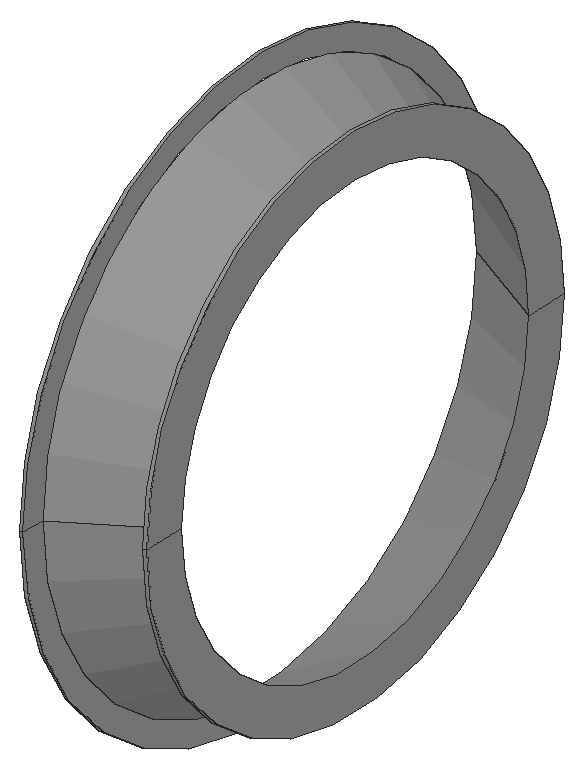
Revit family "НЕВАТОМ_Bходной конфузор VO в сейсмостойком исполнении, Версия 1", category Оборудование, Revit 2017
Family settings
  Размер круглого соединителя = Использовать диаметр
  Тип детали = Нормальный
  На основе рабочей плоскости = Нет
  Всегда вертикально = Да
  При загрузке вырезать с полостями = Нет
  Общий = Нет
  Точка расчета площади = Нет
Parameters (values of type "Входной конфузор VO №4")
  R4 = Dnv / 2  # 240 mm
  R3 = D / 2  # 200 mm
  R2 = D1 / 2  # 250 mm
  R1 = Dnf / 2  # 275 mm
  Nevatom_URL = ""
  L = 88.2 mm
  Dnv = 480 mm
  Dnf = 550 mm
  D1 = 500 mm
  D = 400 mm
  ADSK_Примечание [instance] = ""
  ADSK_Позиция = ""
  ADSK_Наименование [instance] = "Входной конфузор в сейсмостойком исполнении"  # constant formula
  ADSK_Материал наименование [instance] = "Оцинкованная сталь"  # constant formula
  ADSK_Масса = 6.6
  ADSK_Марка [instance] = "VO-S-400/500"
  ADSK_Количество = 1  # constant formula
  ADSK_Код изделия [instance] = ""
  ADSK_Завод-изготовитель = "НЕВАТОМ"  # constant formula
  ADSK_Единица измерения [instance] = "шт"  # constant formula
  ADSK_URL документации изделия = ""
Types (11, lengths in mm): name | R4 | R3 | R2 | R1 | Nevatom_URL | L | Dnv | Dnf | D1 | D | ADSK_Масса | ADSK_Марка
  Входной конфузор VO №4 | 240 | 200 | 250 | 275 | "" | 88.2 | 480 | 550 | 500 | 400 | 6.6 | "VO-S-400/500"
  Входной конфузор VO №4,5 | 265 | 225 | 280 | 305 | "" | 97.3 | 530 | 610 | 560 | 450 | 9 | "VO-S-450/560"
  Входной конфузор VO №5 | 295 | 250 | 315 | 340 | "" | 114.6 | 590 | 680 | 630 | 500 | 11.6 | "VO-S-500/630"
  Входной конфузор VO №5,6 | 325 | 280 | 355 | 395 | "" | 132 | 650 | 790 | 710 | 560 | 15.6 | "VO-S-560/710"
  Входной конфузор VO №6,3 | 365 | 315 | 400 | 432 | "" | 149.5 | 730 | 864 | 800 | 630 | 19 | "VO-S-630/800"
  Входной конфузор VO №7,1 | 405 | 355 | 450 | 482 | "" | 167.5 | 810 | 964 | 900 | 710 | 28.1 | "VO-S-710/900"
  Входной конфузор VO №8,0 | 450 | 400 | 500 | 540 | "" | 176 | 900 | 1080 | 1000 | 800 | 33.6 | "VO-S-800/1000"
  Входной конфузор VO №9,0 | 505 | 450 | 560 | 592 | "https://t.me/NEVATOM_Bim_bot" | 193.2 | 1010 | 1184 | 1120 | 900 | 40 | "VO-S-900/1120"
  Входной конфузор VO №10,0 | 550 | 500 | 625 | 665 | "" | 219.2 | 1100 | 1330 | 1250 | 1000 | 49 | "VO-S-1000/1250"
  Входной конфузор VO №11,2 | 615 | 560 | 700 | 740 | "" | 245.2 | 1230 | 1480 | 1400 | 1120 | 65 | "VO-S-1120/1400"
  Входной конфузор VO №12,5 | 680 | 625 | 800 | 840 | "" | 306 | 1360 | 1680 | 1600 | 1250 | 86 | "VO-S-1250/1600"
Reference planes
  plane 1 "По центру (Вперед/Назад)": y = 0
  plane 2: z = 0
  plane 3 "По центру (Влево/Вправо)": x = 0
  plane 4: x = -335
  plane 5: x = -146
Forms (mm)
  Revolve 1, solid, material "сталь оцинкованная"
    sketch origin (-220, 0, 0) x (1, 0, 0) y (0, 1, 0)
      loop
        line (-74.25, 275) -> (-74.25, 250) -> (13.95, 200) -> (13.95, 240) -> (10.379, 240) -> (10.379, 203) -> (-71.25, 253) -> (-71.25, 275) -> (-74.25, 275)
      axis (13.95, 0) -> (-74.25, 0)
    angle from 0 to 360
Dimensions and locks
  "R1": Revolve 1 sketch curve to Revolve 1 sketch curve
  "R4": Revolve 1 sketch curve to Revolve 1 sketch curve
  "L": Revolve 1 sketch curve to Revolve 1 sketch curve
  "R2": Revolve 1 sketch curve to Revolve 1 sketch curve
  "R3": Revolve 1 sketch curve to Revolve 1 sketch curve
  diameter of Revolve 1 = 550 mm
  aligned and locked: level to plane 2
Automatic sketch dimensions
  plane 1 "По центру (Вперед/Назад)" to Revolve 1 sketch curve = 0 mm
  plane 4 to Revolve 1 sketch curve = 40.75 mm
  Revolve 1 sketch curve to Revolve 1 sketch curve = 3 mm  (x3)
  Revolve 1 sketch curve to Revolve 1 sketch curve = 3.571 mm
  Revolve 1 sketch curve to plane 4 = 125.5 mm
  plane 3 "По центру (Влево/Вправо)" to Revolve 1 sketch curve = 8.5 mm
Connectors
  hvac at (-209.621, 0, 0), driven by "Dnv"
    settings: on Revolve 1, index 1, duct flow 0.0 L/s, flow factor 0, pres drop 0.0 Pa, loss coef 0, conn angle 0.00°, conn width 304.8 mm, conn height 304.8 mm, conn diameter 480 mm, duct sys type 29, conn prof type 0, flow config 0, flow direction 0, loss method 0, conn ref index 2, conn util no, is conn primary yes, conn desc ""
  hvac at (-294.25, 0, 0), driven by "D1"
    settings: on Revolve 1, index 2, duct flow 0.0 L/s, flow factor 0, pres drop 0.0 Pa, loss coef 0, conn angle 0.00°, conn width 304.8 mm, conn height 304.8 mm, conn diameter 500 mm, duct sys type 29, conn prof type 0, flow config 0, flow direction 0, loss method 0, conn ref index 1, conn util no, is conn primary no, conn desc ""
